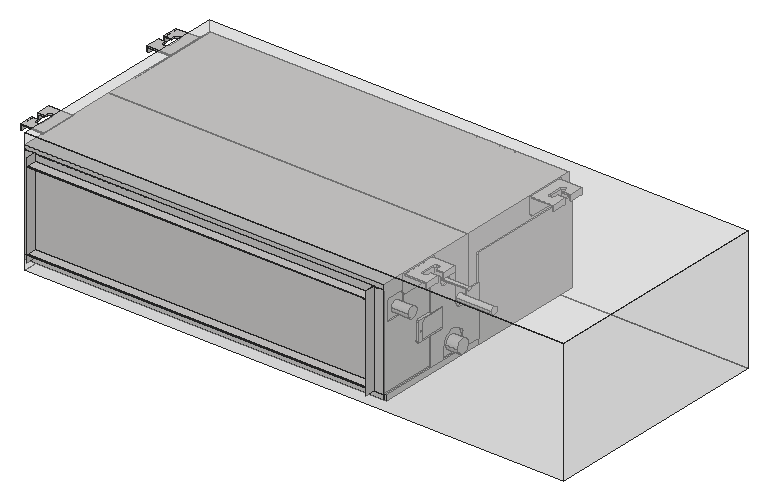
Revit family "outputfile", category 機械設備, Revit 2024
Family settings
  丸型コネクタ寸法 = 半径を使用
  パーツ タイプ = 標準
  OmniClass 番号 = 23.75.10.24.21.27.27
  OmniClass タイトル = Split System Air Conditioning Units
  作業面ベース = いいえ
  常に垂直 = はい
  ロード時にボイドで切り取り = いいえ
  注釈の向きを維持 = いいえ
  共有 = いいえ
  部屋計算ポイント = はい
Parameters (values of type "FXDQ25TV1C")
  Description = ""
  製造元 = "Daikin"
  書き出し IFC クラス(タイプ) = "IfcUnitaryEquipmentType"
  定義済み IFC タイプ(タイプ) = "AIRCONDITIONINGUNIT"
  Cost = 0
  モデル = "FXDQ25TV1C"
  Type Comments = ""
  Keynote = ""
  Type Image = (empty or 0)
  Assembly Code = ""
  r_Liquid Pipe Size = Liquid Pipe Size / 2  # 3.2 mm
  r_Gas Pipe Size = Gas Pipe Size / 2  # 6.35 mm
  r_Drain Pipe Size = Drain Pipe Size / 2  # 10.0 mm
  lw_powersuply = 65.0 mm  # constant formula
  lh_suctionflange [instance] = [h***] + 100.5 mm  # 100.5 mm
  lh_mounting = lh_mountinghole + [h***]  # 200.0 mm
  ld_suctionflange [instance] = if(and(Rear Connection_Return Air, Width = 700.0 mm), 94.5 mm, if(and(Rear Connection_Return Air, Width = 900.0 mm), 94.0 mm, if(and(Rear Connection_Return Air, Width = 1100.0 mm), 94.0 mm, 100.5 mm)))  # 94.5 mm
  ld_powersuply = 64.0 mm  # constant formula
  ld_mountinghole_Back = if(Width = 900.0 mm, 169.0 mm, 165.0 mm)  # 165.0 mm
  ld_mountinghole_Front = if(Width = 900.0 mm, 140.0 mm, 144.0 mm)  # 144.0 mm
  ld_RA_below = if(Width = 700.0 mm, 189.0 mm, 188.0 mm)  # 189.0 mm
  ld_RA = if(Width = 700.0 mm, 94.5 mm, 94.0 mm)  # 94.5 mm
  angle_vertical_RA [instance] = if(Rear Connection_Return Air, 90.00°, 0.00°)  # 90.00°
  angle horizontal_RA [instance] = if(Rear Connection_Return Air, 180.00°, 270.00°)  # 180.00°
  Voltage_comment_50Hz = "220-240"
  Voltage_50Hz = 220 V
  URL = ""
  Supply Air Direction [instance] = yes
  Sound Power Level_H speed (dB) = 0
  Rear Connection_Return Air [instance] = not(Bottom Connection_Return Air)  # yes
  Phase_50Hz = 1
  Minimum External Static Pressure = 10.00 Pa
  Minimum Circuit Amps_50Hz = 0.8 A
  Maximum Fuse Amps_50Hz = 15.0 A
  Maximum External Static Pressure = 40.00 Pa
  Material_Casing = DAIKIN_GalvanizedSteel_Casing_indoorunit
  ld_liquidpipe = 142.0 mm  # constant formula
  ld_gaspipe = 181.0 mm  # constant formula
  lw_mountinghole = Width + 52.0 mm  # 752.0 mm
  ld_drainpipe = 28.0 mm  # constant formula
  lh_liquidpipe = 151.0 mm
  lh_gaspipe = 101.0 mm
  lh_mountinghole = 200.0 mm  # constant formula
  lh_drainpipe = 152.0 mm  # constant formula
  h_antenna = Height - lh_mountinghole + 1.0 mm  # 1.0 mm
  h*** = 0.0 mm  # constant formula
  Width = 700.0 mm
  Version = "ver.1.0"
  Unit Type = "Slim Duct (Standard) Type"
  Unit Mass Weight = 18.00 kg
  Unit Designation [instance] = ""
  Uniclass2015Version = "Products v1.30"
  Uniclass2015Title = "Variable refrigerant flow units"
  Uniclass2015Code = "Pr_70_65_03_94"
  Total Heating Capacity [instance] = 0.000 kW
  Total Cooling Capacity [instance] = 0.000 kW
  Sound Pressure Level_M speed (dBA) = 0
  Sound Pressure Level_L speed (dBA) = 28
  Sound Pressure Level_H speed (dBA) = 33
  Series = "VRV Fan Coil Unit"
  Sensible Cooling Capacity [instance] = 0.000 kW
  SA Duct Size Width = if(Width = 900.0 mm, 860.0 mm, if(Width = 1100.0 mm, 1060.0 mm, 660.0 mm))  # 660.0 mm
  SA Duct Size Height = 153.0 mm  # constant formula
  Refrigerant Type = "R410A"
  RA Duct Size Width = if(Width = 900.0 mm, 775.0 mm, if(Width = 1100.0 mm, 975.0 mm, 575.0 mm))  # 575.0 mm
  RA Duct Size Height [instance] = if(Rear Connection_Return Air, 163.0 mm, if(Width = 700.0 mm, 153.0 mm, 152.0 mm))  # 163.0 mm
  Power Input (Heating) = 0.030 kW
  Power Input (Cooling) = 0.040 kW
  Option Accessory 3 [instance] = ""
  Option Accessory 2 [instance] = ""
  Option Accessory 1 [instance] = ""
  Nominal Heating Capacity = 3.200 kW
  Nominal Cooling Capacity = 2.800 kW
  Minimum Airflow = 0.00 m³/h
  Median Airflow = 0.00 m³/h
  Maximum Airflow = 540.00 m³/h
  Load Classification = HVAC
  Liquid Pipe Size = 6.4 mm
  Link_Nested Family [instance] = ""
  IfcVersion = "0"
  IfcExportType = "AIRCONDITIONINGUNIT"
  IfcExportAs = "IfcUnitaryEquipmentType"
  Height = 200.0 mm
  Heating Entering Wet Bulb Temperature [instance] = 0.00 °C
  Heating Entering Dry Bulb Temperature [instance] = 0.00 °C
  Heating Ambient Wet Bulb Temperature [instance] = 0.00 °C
  Heating Ambient Dry Bulb Temperature [instance] = 0.00 °C
  Heat Exchanger Type = "Cross Fin Coil"
  Gas Pipe Size = 12.7 mm
  Frequency_50Hz = 50 Hz
  Fan Type = "Sirocco Fan"
  Fan Drive = "Direct Drive"
  FCU Tag No. [instance] = ""
  Drain Pipe Size = 20.0 mm
  Design Supply Airflow [instance] = 0.00 m³/h
  Design Return Airflow [instance] = 0.00 m³/h
  Design External Static Pressure [instance] = 0.00 Pa
  Depth = 450.0 mm
  既定の高さ = 0.0 mm
  Cooling Entering Wet Bulb Temperature [instance] = 0.00 °C
  Cooling Entering Dry Bulb Temperature [instance] = 0.00 °C
  Cooling Ambient Wet Bulb Temperature [instance] = 0.00 °C
  Cooling Ambient Dry Bulb Temperature [instance] = 0.00 °C
  Clearance visibility [instance] = yes
  Clearance Top = 20.0 mm
  Clearance Right = 350.0 mm
  Clearance Rear = 0.0 mm
  Clearance Left = 0.0 mm
  Clearance Front = 0.0 mm
  Clearance Bottom = 20.0 mm
  Bottom Connection_Return Air [instance] = no
Reference planes
  plane 1 "Center (Front/Back)": y = 0
  plane 2 "Bottom": z = -200
  plane 3 "Center (Left/Right)": x = 0
  plane 4 "Back": y = 225
  plane 5 "Front": y = -225
  plane 6 "Left": x = -350
  plane 7 "Right": x = 350
  plane 8 "Top": z = 0
  plane 9 "BB": y = -20
  plane 10 "condensate water pan": z = -190
  plane 11 "Below": z = -200
  plane 12 "Other components Right": x = 355
  plane 13 "Other components Left": x = 345
  plane 14 "lh_drainpipe": z = -48
  plane 15 "ld_drainpipe": y = -197
  plane 16 "drainpipe": x = 383
  plane 17 "lh_liquidpipe": z = -49
  plane 18 "ld_liquidpipe": y = -83
  plane 19 "ld_gaspipe": y = -44
  plane 20 "lh_gaspipe": z = -99
  plane 21: x = 403
  plane 22: x = 420
  plane 23: x = 374
  plane 24 "w_mountinghole_Left": x = -376
  plane 25 "w_mountinghole_Right": x = 376
  plane 26 "d_mountinghole_Back": y = 165
  plane 27 "d_mountinghole_Front": y = -144
  plane 28 "h_mountinghole": z = 0
  plane 29 "lw_powersuply": x = 285
  plane 30 "ld_powersuply": y = -161
  plane 31 "Clearance Left": x = -350
  plane 32 "Clearance Right": x = 700
  plane 33 "Clearance Rear": y = 225
  plane 34 "Clearance Front": y = -225
  plane 35 "Clearance Bottom": z = -220
  plane 36 "Clearance Top": z = 20
  plane 37 "RA": y = 224
  plane 38: z = -199
  plane 39 "RA_d": y = 130.5
  plane 40 "RA_w": x = -51.5
  plane 41 "RA_h": z = -99.5
  plane 42 "SA_h": z = -99
  plane 43 "RA_dd": y = 36
Forms (mm)
  Extrusion 1, solid, material "DAIKIN_GalvanizedSteel_Casing_indoorunit" <- "Material_Casing"
    sketch origin (0, 0, 100) x (0, 1, 0) y (0, 0, 1)
      loop
        line (-20, -100) -> (-20, -300) -> (225, -300) -> (225, -100) -> (-20, -100)
    from -350 to 350
  Extrusion 2, solid, material "DAIKIN_GalvanizedSteel_Casing_indoorunit" <- "Material_Casing"
    sketch origin (0, 0, 100) x (0, 1, 0) y (0, 0, 1)
      loop
        line (-225, -100) -> (-225, -290) -> (-20, -290) -> (-20, -100) -> (-225, -100)
    from -350 to 350
  Extrusion 3, solid, material "DAIKIN_GalvanizedSteel_Casing_indoorunit" <- "Material_Casing"
    sketch origin (0, 0, 100) x (0, 1, 0) y (0, 0, 1)
      loop
        line (-225, -290) -> (-225, -300) -> (-20, -300) -> (-20, -290) -> (-225, -290)
    from -350 to 350
  Extrusion 4, solid, material "DAIKIN_GalvanizedSteel_Casing_indoorunit" <- "Material_Casing"
    sketch origin (0, 0, 0) x (0, 1, 0) y (0, 0, 1)
      loop
        arc (2, -40) -> (-0.121, -40.879) -> (-1, -43) r 3
        line (-1, -43) -> (-1, -197)
        arc (-1, -197) -> (-0.121, -199.121) -> (2, -200) r 3
        line (2, -200) -> (225, -200) -> (225, -40) -> (2, -40)
    from 350 to 355
  Extrusion 5, solid, material "DAIKIN_GalvanizedSteel_Casing_indoorunit" <- "Material_Casing"
    sketch origin (620, 0, 0) x (0, 1, 0) y (0, 0, 1)
      loop
        line (-225, -190) -> (-225, -200) -> (-2, -200) -> (-2, -193)
        arc (-2, -193) -> (-2.879, -190.879) -> (-5, -190) r 3
        line (-5, -190) -> (-225, -190)
    from -270 to -265
  Extrusion 6, void
    sketch origin (0, 0, 0) x (0, 1, 0) y (0, 0, 1)
      loop
        arc (-145.64, -94.17) -> (-147.761, -95.049) -> (-148.64, -97.17) r 3
        line (-148.64, -97.17) -> (-148.64, -131.17)
        arc (-148.64, -131.17) -> (-147.761, -133.291) -> (-145.64, -134.17) r 3
        line (-145.64, -134.17) -> (-91.78, -134.17)
        arc (-91.78, -134.17) -> (-89.659, -133.291) -> (-88.78, -131.17) r 3
        line (-88.78, -131.17) -> (-88.78, -97.17)
        arc (-88.78, -97.17) -> (-89.659, -95.049) -> (-91.78, -94.17) r 3
        line (-91.78, -94.17) -> (-145.64, -94.17)
    from 345 to 355
  Extrusion 7, void
    sketch origin (460, 0, 0) x (0, 1, 0) y (0, 0, 1)
      loop
        arc (-212.95, -27.05) -> (-216.486, -28.514) -> (-217.95, -32.05) r 5
        line (-217.95, -32.05) -> (-217.95, -63.95)
        arc (-217.95, -63.95) -> (-216.486, -67.486) -> (-212.95, -68.95) r 5
        line (-212.95, -68.95) -> (-181.05, -68.95)
        arc (-181.05, -68.95) -> (-177.514, -67.486) -> (-176.05, -63.95) r 5
        line (-176.05, -63.95) -> (-176.05, -32.05)
        arc (-176.05, -32.05) -> (-177.514, -28.514) -> (-181.05, -27.05) r 5
        line (-181.05, -27.05) -> (-212.95, -27.05)
    from -115 to -105
  Extrusion 8, solid, material "DAIKIN_GalvanizedSteel_Casing_indoorunit" <- "Material_Casing"
    sketch origin (700, 0, 0) x (0, 1, 0) y (0, 0, 1)
      loop
        line (-116.823, -42) -> (-116.823, -190) -> (-87.438, -190) -> (-87.438, -167.881)
        arc (-87.438, -167.881) -> (-62.998, -143.441) -> (-38.558, -167.881) r 24.44
        line (-38.558, -167.881) -> (-38.558, -190) -> (-1, -190) -> (-1, -92.773) -> (-27.497, -92.773)
        arc (-27.497, -92.773) -> (-28.911, -93.359) -> (-29.497, -94.773) r 2
        line (-29.497, -94.773) -> (-29.497, -99)
        arc (-29.497, -99) -> (-43.997, -113.5) -> (-58.497, -99) r 14.5
        line (-58.497, -99) -> (-58.497, -42.3)
        arc (-58.497, -42.3) -> (-59.171, -40.674) -> (-60.797, -40) r 2.3
        line (-60.797, -40) -> (-69, -40)
        arc (-69, -40) -> (-70.414, -40.586) -> (-71, -42) r 2
        line (-71, -42) -> (-71, -49)
        arc (-71, -49) -> (-83, -61) -> (-95, -49) r 12
        line (-95, -49) -> (-95, -42)
        arc (-95, -42) -> (-95.586, -40.586) -> (-97, -40) r 2
        line (-97, -40) -> (-114.823, -40)
        arc (-114.823, -40) -> (-116.237, -40.586) -> (-116.823, -42) r 2
    from -350 to -345
  Extrusion 9, solid, material "DAIKIN_GalvanizedSteel_Casing_indoorunit" <- "Material_Casing"
    sketch origin (0, 0, 0) x (0, 1, 0) y (0, 0, 1)
      loop
        line (-91.78, -95.17) -> (-145.64, -95.17)
        arc (-145.64, -95.17) -> (-147.054, -95.756) -> (-147.64, -97.17) r 2
        line (-147.64, -97.17) -> (-147.64, -131.17)
        arc (-147.64, -131.17) -> (-147.054, -132.584) -> (-145.64, -133.17) r 2
        line (-145.64, -133.17) -> (-91.78, -133.17)
        arc (-91.78, -133.17) -> (-90.366, -132.584) -> (-89.78, -131.17) r 2
        line (-89.78, -131.17) -> (-89.78, -97.17)
        arc (-89.78, -97.17) -> (-90.366, -95.756) -> (-91.78, -95.17) r 2
    from 345 to 355
  Extrusion 10, solid, material "DAIKIN_GalvanizedSteel_Casing_indoorunit" <- "Material_Casing"
    sketch origin (0, 0, 0) x (0, 1, 0) y (0, 0, 1)
      loop
        line (-89.78, -97.67) -> (-136.14, -97.67) -> (-136.14, -130.67) -> (-89.78, -130.67) -> (-89.78, -97.67)
      loop
        circle (-142.64, -114.17) r 1.5
    from 350 to 355
  Extrusion 11, solid, material "DAIKIN_GalvanizedSteel_Casing_indoorunit" <- "Material_Casing"
    sketch origin (0, 0, 0) x (0, 1, 0) y (0, 0, 1)
      loop
        circle (-197, -48) r 10
    from 350 to 383
  Extrusion 12, solid, material "DAIKIN_GalvanizedSteel_Casing_indoorunit" <- "Material_Casing"
    sketch origin (0, 0, 0) x (0, 1, 0) y (0, 0, 1)
      loop
        circle (-83, -49) r 3.2
    from 350 to 403
  Extrusion 13, solid, material "DAIKIN_GalvanizedSteel_Casing_indoorunit" <- "Material_Casing"
    sketch origin (0, 0, 0) x (0, 1, 0) y (0, 0, 1)
      loop
        circle (-44, -99) r 6.35
    from 350 to 420
  Extrusion 14, solid, material "DAIKIN_GalvanizedSteel_Casing_indoorunit" <- "Material_Casing"
    sketch origin (0, 0, 0) x (0, 1, 0) y (0, 0, 1)
      loop
        circle (-62.998, -169) r 13
    from 350 to 374
  Extrusion 15, void
    sketch origin (0, 0, 0) x (1, 0, 0) y (0, 0, 1)
      loop
        line (246, -1) -> (-349, -1) -> (-349, -200) -> (246, -200) -> (246, -1)
    from -225 to -36
  Extrusion 16, solid, material "DAIKIN_GalvanizedSteel_Casing_indoorunit" <- "Material_Casing", visible <- "Bottom Connection_Return Air"
    sketch origin (0, 0, 0) x (1, 0, 0) y (0, 0, 1)
      loop
        line (246, -1) -> (-349, -1) -> (-349, -200) -> (246, -200) -> (246, -1)
    from -225 to -224
  Extrusion 17, solid, material "DAIKIN_GalvanizedSteel_Casing_indoorunit" <- "Material_Casing", visible <- "Rear Connection_Return Air"
    sketch origin (0, 0, 0) x (1, 0, 0) y (0, 1, 0)
      loop
        line (-349, 36) -> (246, 36) -> (246, 225) -> (-349, 225) -> (-349, 36)
    from -200 to -199
Cuts and joins
  Extrusion 6, Extrusion 7 cuts Extrusion 2
  Extrusion 6 cuts Extrusion 8
  Extrusion 15 cuts Extrusion 1
Dimensions and locks
  locked: plane 9 "BB" to plane 1 "Center (Front/Back)" at 20
  equal spacing: plane 4 "Back", plane 1 "Center (Front/Back)", plane 5 "Front"
  "Depth": plane 4 "Back" to plane 5 "Front"
  plane 9 "BB" to plane 4 "Back" = 245.0 mm
  plane 5 "Front" to plane 9 "BB" = 205.0 mm
  equal spacing: plane 6 "Left", plane 3 "Center (Left/Right)", plane 7 "Right"
  "Width": plane 6 "Left" to plane 7 "Right"
  locked: plane 1 "Center (Front/Back)" to plane 9 "BB" at 20
  "h***": plane 11 "Below" to plane 2 "Bottom"
  locked: plane 10 "condensate water pan" to plane 11 "Below" at 10
  "Height": plane 8 "Top" to plane 11 "Below"
  locked: Extrusion 4 sketch curve to plane 4 "Back" at 226
  locked: Extrusion 4 sketch curve to plane 11 "Below" at 160
  locked: plane 7 "Right" to plane 12 "Other components Right" at 5
  locked: plane 13 "Other components Left" to plane 7 "Right" at 5
  "lh_drainpipe": plane 14 "lh_drainpipe" to plane 11 "Below"
  plane 5 "Front" to plane 15 "ld_drainpipe" = 28.0 mm
  "ld_drainpipe": plane 15 "ld_drainpipe" to plane 5 "Front"
  locked: plane 7 "Right" to plane 16 "drainpipe" at 33
  "lh_liquidpipe": plane 17 "lh_liquidpipe" to plane 11 "Below"
  "ld_liquidpipe": plane 18 "ld_liquidpipe" to plane 5 "Front"
  "ld_gaspipe": plane 19 "ld_gaspipe" to plane 5 "Front"
  plane 5 "Front" to plane 18 "ld_liquidpipe" = 142.0 mm
  plane 5 "Front" to plane 19 "ld_gaspipe" = 181.0 mm
  "lh_gaspipe": plane 20 "lh_gaspipe" to plane 11 "Below"
  locked: plane 7 "Right" to plane 21 at 53
  locked: plane 7 "Right" to plane 22 at 70
  locked: plane 7 "Right" to plane 23 at 24
  equal spacing: plane 24 "w_mountinghole_Left", plane 3 "Center (Left/Right)", plane 25 "w_mountinghole_Right"
  "lw_mountinghole": plane 24 "w_mountinghole_Left" to plane 25 "w_mountinghole_Right"
  plane 26 "d_mountinghole_Back" to plane 27 "d_mountinghole_Front" = 309.0 mm
  "lh_mountinghole": plane 28 "h_mountinghole" to plane 11 "Below"
  "lw_powersuply": plane 29 "lw_powersuply" to plane 7 "Right"
  "ld_powersuply": plane 5 "Front" to plane 30 "ld_powersuply"
  "Clearance Rear": plane 33 "Clearance Rear" to plane 4 "Back"
  "Clearance Front": plane 5 "Front" to plane 34 "Clearance Front"
  "Clearance Bottom": plane 11 "Below" to plane 35 "Clearance Bottom"
  "Clearance Top": plane 36 "Clearance Top" to plane 8 "Top"
  "Clearance Left": plane 31 "Clearance Left" to plane 6 "Left"
  "Clearance Right": plane 7 "Right" to plane 32 "Clearance Right"
  locked: cut or joined group of Extrusion 1, Extrusion 15 to plane 6 "Left" at 1
  locked: plane 7 "Right" to cut or joined group of Extrusion 1, Extrusion 15 at 104
  locked: plane 4 "Back" to plane 37 "RA" at 1
  locked: plane 6 "Left" to Extrusion 17 sketch curve at 1
  locked: Extrusion 17 sketch curve to plane 7 "Right" at 104
  locked: plane 38 to plane 11 "Below" at 1
  locked: plane 40 "RA_w" to plane 3 "Center (Left/Right)" at 51.5
  "ld_RA": plane 39 "RA_d" to plane 4 "Back"
  locked: plane 11 "Below" to plane 41 "RA_h" at 100.5
  locked: plane 11 "Below" to plane 42 "SA_h" at 101
  "ld_mountinghole_Back": plane 26 "d_mountinghole_Back" to plane 1 "Center (Front/Back)"
  "ld_mountinghole_Front": plane 27 "d_mountinghole_Front" to plane 1 "Center (Front/Back)"
  "ld_RA_below": plane 4 "Back" to plane 43 "RA_dd"
  "r_Liquid Pipe Size": radius of Extrusion 12 sketch curve
  "r_Gas Pipe Size": radius of Extrusion 13 sketch curve
  "r_Drain Pipe Size": radius of Extrusion 11 sketch curve
  aligned and locked: Extrusion 1 sketch curve to plane 8 "Top"
  aligned and locked: Extrusion 1 sketch curve to plane 9 "BB"
  aligned and locked: Extrusion 1 sketch curve to plane 4 "Back"
  aligned and locked: Extrusion 2 sketch curve to plane 9 "BB"
  aligned and locked: Extrusion 2 sketch curve to plane 8 "Top"
  aligned and locked: plane 5 "Front" to Extrusion 2 sketch curve
  aligned and locked: Extrusion 1 to plane 6 "Left"
  aligned and locked: plane 7 "Right" to Extrusion 1
  aligned and locked: Extrusion 2 to plane 6 "Left"
  aligned and locked: plane 7 "Right" to Extrusion 2
  aligned and locked: plane 10 "condensate water pan" to Extrusion 2 sketch curve
  aligned and locked: Extrusion 3 sketch curve to plane 10 "condensate water pan"
  aligned and locked: plane 5 "Front" to Extrusion 3 sketch curve
  aligned and locked: plane 9 "BB" to Extrusion 3 sketch curve
  aligned and locked: Extrusion 3 to plane 6 "Left"
  aligned and locked: plane 7 "Right" to Extrusion 3
  aligned and locked: plane 11 "Below" to Extrusion 3
  aligned and locked: Extrusion 1 to plane 11 "Below"
  aligned and locked: plane 11 "Below" to Extrusion 4 sketch curve
  aligned and locked: Extrusion 4 sketch curve to plane 4 "Back"
  aligned and locked: Extrusion 4 to plane 7 "Right"
  aligned and locked: plane 12 "Other components Right" to Extrusion 4
  aligned and locked: Extrusion 5 sketch curve to plane 10 "condensate water pan"
  aligned and locked: plane 5 "Front" to Extrusion 5 sketch curve
  aligned and locked: plane 11 "Below" to Extrusion 5 sketch curve
  aligned and locked: Extrusion 5 to plane 7 "Right"
  aligned and locked: plane 12 "Other components Right" to Extrusion 5
  aligned and locked: Extrusion 8 to plane 7 "Right"
  aligned and locked: plane 12 "Other components Right" to Extrusion 8
  aligned and locked: Extrusion 6 to plane 13 "Other components Left"
  aligned and locked: Extrusion 7 to plane 13 "Other components Left"
  aligned and locked: plane 12 "Other components Right" to Extrusion 7
  aligned and locked: plane 12 "Other components Right" to Extrusion 6
  aligned and locked: Extrusion 10 to plane 7 "Right"
  aligned and locked: Extrusion 9 to plane 13 "Other components Left"
  aligned and locked: plane 16 "drainpipe" to Extrusion 11
  aligned and locked: Extrusion 11 to plane 7 "Right"
  aligned and locked: plane 12 "Other components Right" to Extrusion 9
  aligned and locked: plane 12 "Other components Right" to Extrusion 10
  aligned and locked: Extrusion 12 to plane 7 "Right"
  aligned and locked: plane 21 to Extrusion 12
  aligned and locked: Extrusion 13 sketch curve to plane 19 "ld_gaspipe"
  aligned and locked: plane 20 "lh_gaspipe" to Extrusion 13 sketch curve
  aligned and locked: Extrusion 12 sketch curve to plane 18 "ld_liquidpipe"
  aligned and locked: plane 17 "lh_liquidpipe" to Extrusion 12 sketch curve
  aligned and locked: plane 14 "lh_drainpipe" to Extrusion 11 sketch curve
  aligned and locked: Extrusion 11 sketch curve to plane 15 "ld_drainpipe"
  aligned and locked: Extrusion 13 to plane 7 "Right"
  aligned and locked: plane 22 to Extrusion 13
  aligned and locked: Extrusion 14 to plane 7 "Right"
  aligned and locked: plane 23 to Extrusion 14
  aligned and locked: plane 25 "w_mountinghole_Right" to nested 2
  aligned and locked: nested 2 to plane 26 "d_mountinghole_Back"
  aligned and locked: plane 28 "h_mountinghole" to nested 2
  aligned and locked: plane 27 "d_mountinghole_Front" to nested 3
  aligned and locked: plane 25 "w_mountinghole_Right" to nested 3
  aligned and locked: plane 24 "w_mountinghole_Left" to nested 4
  aligned and locked: plane 26 "d_mountinghole_Back" to nested 4
  aligned and locked: plane 24 "w_mountinghole_Left" to nested 5
  aligned and locked: nested 5 to plane 27 "d_mountinghole_Front"
  aligned and locked: plane 28 "h_mountinghole" to nested 4
  aligned and locked: plane 28 "h_mountinghole" to nested 5
  aligned and locked: plane 28 "h_mountinghole" to nested 3
  aligned and locked: plane 24 "w_mountinghole_Left" to nested 1
  aligned and locked: nested 1 to plane 26 "d_mountinghole_Back"
  aligned and locked: plane 27 "d_mountinghole_Front" to nested 6
  aligned and locked: plane 24 "w_mountinghole_Left" to nested 6
  aligned and locked: nested 7 to plane 25 "w_mountinghole_Right"
  aligned and locked: nested 7 to plane 26 "d_mountinghole_Back"
  aligned and locked: plane 27 "d_mountinghole_Front" to nested 8
  aligned and locked: nested 8 to plane 25 "w_mountinghole_Right"
  aligned and locked: plane 15 "ld_drainpipe" to nested 9
  aligned and locked: plane 7 "Right" to nested 9
  aligned and locked: plane 14 "lh_drainpipe" to nested 9
  aligned and locked: plane 7 "Right" to nested 11
  aligned and locked: plane 7 "Right" to nested 10
  aligned and locked: plane 18 "ld_liquidpipe" to nested 10
  aligned and locked: plane 19 "ld_gaspipe" to nested 11
  aligned and locked: nested 10 to plane 17 "lh_liquidpipe"
  aligned and locked: nested 11 to plane 20 "lh_gaspipe"
  aligned and locked: plane 31 "Clearance Left" to nested 12
  aligned and locked: plane 33 "Clearance Rear" to nested 12
  aligned and locked: plane 34 "Clearance Front" to nested 12
  aligned and locked: nested 12 to plane 32 "Clearance Right"
  aligned and locked: plane 36 "Clearance Top" to nested 12
  aligned and locked: plane 35 "Clearance Bottom" to nested 12
  aligned and locked: nested 13 to plane 29 "lw_powersuply"
  aligned and locked: plane 30 "ld_powersuply" to nested 13
  aligned and locked: nested 13 to plane 20 "lh_gaspipe"
  aligned and locked: plane 3 "Center (Left/Right)" to nested 14
  aligned and locked: plane 1 "Center (Front/Back)" to nested 14
  aligned and locked: plane 1 "Center (Front/Back)" to nested 15
  aligned and locked: nested 15 to plane 11 "Below"
  aligned and locked: plane 3 "Center (Left/Right)" to nested 16
  aligned and locked: plane 3 "Center (Left/Right)" to nested 17
  aligned and locked: plane 8 "Top" to nested 16
  aligned and locked: plane 4 "Back" to Extrusion 15
  aligned and locked: plane 4 "Back" to Extrusion 16
  aligned and locked: Extrusion 16 to plane 37 "RA"
  aligned and locked: Extrusion 17 to plane 11 "Below"
  aligned and locked: plane 38 to Extrusion 17
  aligned and locked: plane 39 "RA_d" to nested 18
  aligned and locked: plane 1 "Center (Front/Back)" to nested 19
  aligned and locked: plane 3 "Center (Left/Right)" to nested 19
  aligned and locked: plane 42 "SA_h" to nested 19
  aligned and locked: nested 16 to plane 37 "RA"
  aligned and locked: nested 16 to plane 4 "Back"
  aligned and locked: nested 17 to plane 38
  aligned and locked: nested 17 to plane 37 "RA"
  aligned and locked: Extrusion 15 to plane 43 "RA_dd"
  aligned and locked: Extrusion 17 sketch curve to plane 43 "RA_dd"
  aligned and locked: level to plane 8 "Top"
Automatic sketch dimensions
  Extrusion 1 sketch curve to plane 10 "condensate water pan" = 10.0 mm
  Extrusion 3 sketch curve to plane 10 "condensate water pan" = 10.0 mm
  Extrusion 4 sketch curve to plane 10 "condensate water pan" = 7.0 mm
  Extrusion 4 sketch curve to plane 1 "Center (Front/Back)" = 2.0 mm
  plane 1 "Center (Front/Back)" to Extrusion 5 sketch curve = 2.0 mm
  Extrusion 5 sketch curve to plane 10 "condensate water pan" = 3.0 mm
  plane 5 "Front" to Extrusion 6 sketch curve = 76.36 mm
  Extrusion 6 sketch curve to Extrusion 6 sketch curve = 3.0 mm  (x3)
  Extrusion 6 sketch curve to Extrusion 6 sketch curve = 53.86 mm
  Extrusion 6 sketch curve to Extrusion 6 sketch curve = 0.0 mm
  plane 10 "condensate water pan" to Extrusion 6 sketch curve = 55.83 mm
  Extrusion 6 sketch curve to Extrusion 6 sketch curve = 34.0 mm
  plane 5 "Front" to Extrusion 7 sketch curve = 7.05 mm
  Extrusion 7 sketch curve to Extrusion 7 sketch curve = 5.0 mm  (x3)
  Extrusion 7 sketch curve to Extrusion 7 sketch curve = 31.9 mm  (x3)
  Extrusion 7 sketch curve to plane 8 "Top" = 68.95 mm
  Extrusion 8 sketch curve to plane 10 "condensate water pan" = 0.0 mm  (x2)
  Extrusion 8 sketch curve to plane 9 "BB" = 96.823 mm
  Extrusion 8 sketch curve to Extrusion 8 sketch curve = 2.0 mm  (x4)
  Extrusion 8 sketch curve to Extrusion 8 sketch curve = 17.823 mm
  Extrusion 8 sketch curve to Extrusion 8 sketch curve = 29.385 mm
  Extrusion 8 sketch curve to Extrusion 8 sketch curve = 12.0 mm
  Extrusion 8 sketch curve to Extrusion 8 sketch curve = 24.44 mm
  Extrusion 8 sketch curve to Extrusion 8 sketch curve = 8.203 mm
  Extrusion 8 sketch curve to plane 9 "BB" = 38.497 mm
  Extrusion 8 sketch curve to Extrusion 8 sketch curve = 14.5 mm
  plane 1 "Center (Front/Back)" to Extrusion 8 sketch curve = 1.0 mm
  Extrusion 8 sketch curve to Extrusion 8 sketch curve = 22.119 mm
  Extrusion 8 sketch curve to Extrusion 8 sketch curve = 68.881 mm
  Extrusion 8 sketch curve to Extrusion 8 sketch curve = 4.227 mm
  Extrusion 8 sketch curve to plane 8 "Top" = 49.0 mm
  Extrusion 8 sketch curve to Extrusion 8 sketch curve = 6.7 mm
  Extrusion 8 sketch curve to Extrusion 8 sketch curve = 7.0 mm
  plane 5 "Front" to Extrusion 9 sketch curve = 79.36 mm
  Extrusion 9 sketch curve to Extrusion 9 sketch curve = 2.0 mm  (x3)
  Extrusion 9 sketch curve to Extrusion 9 sketch curve = 53.86 mm
  Extrusion 9 sketch curve to Extrusion 9 sketch curve = 0.0 mm
  plane 10 "condensate water pan" to Extrusion 9 sketch curve = 56.83 mm
  Extrusion 9 sketch curve to Extrusion 9 sketch curve = 34.0 mm
  plane 5 "Front" to Extrusion 10 sketch curve = 82.36 mm
  Extrusion 10 sketch curve to Extrusion 10 sketch curve = 6.5 mm
  Extrusion 10 sketch curve to Extrusion 10 sketch curve = 46.36 mm
  plane 10 "condensate water pan" to Extrusion 10 sketch curve = 59.33 mm
  Extrusion 10 sketch curve to Extrusion 10 sketch curve = 16.5 mm  (x2)
  Extrusion 14 sketch curve to plane 19 "ld_gaspipe" = 18.998 mm
  plane 10 "condensate water pan" to Extrusion 14 sketch curve = 21.0 mm
  plane 6 "Left" to Extrusion 15 sketch curve = 1.0 mm
  plane 35 "Clearance Bottom" to Extrusion 15 sketch curve = 20.0 mm
  plane 29 "lw_powersuply" to Extrusion 15 sketch curve = 39.0 mm
  Extrusion 15 sketch curve to plane 8 "Top" = 1.0 mm
  plane 6 "Left" to Extrusion 16 sketch curve = 1.0 mm
  Extrusion 16 sketch curve to plane 11 "Below" = 0.0 mm
  plane 29 "lw_powersuply" to Extrusion 16 sketch curve = 39.0 mm
  Extrusion 16 sketch curve to plane 8 "Top" = 1.0 mm
  Extrusion 17 sketch curve to plane 4 "Back" = 0.0 mm
  radius of Extrusion 10 sketch curve = 1.5 mm
  radius of Extrusion 14 sketch curve = 13.0 mm
Nested families
  nested 1: "daikin_mountinghole" at (-376, 165, -200), h_mountinghole <- "lh_mounting", l_antenna <- "h_antenna", Link_Nested Family <- "Link_Nested Family", type "daikin_mountinghole"
    with show yes, l_antenna 1.0 mm, h_mountinghole 200.0 mm, Link_Nested Family ""
  nested 2: "daikin_hangerfixture_FXDQ-TV1C(A)" at (350, 165, 0), type "daikin_hangerfixture_FXDQ-TV1C(A)"
  nested 3: "daikin_hangerfixture_FXDQ-TV1C(A)" at (350, -144, 0), type "daikin_hangerfixture_FXDQ-TV1C(A)"
  nested 4: "daikin_hangerfixture_FXDQ-TV1C(A)" at (-350, 165, 0) x (-1, 0, 0) z (0, 0, 1), type "daikin_hangerfixture_FXDQ-TV1C(A)"
  nested 5: "daikin_hangerfixture_FXDQ-TV1C(A)" at (-350, -144, 0) x (-1, 0, 0) z (0, 0, 1), type "daikin_hangerfixture_FXDQ-TV1C(A)"
  nested 6: "daikin_mountinghole" at (-376, -144, -200), h_mountinghole <- "lh_mounting", l_antenna <- "h_antenna", Link_Nested Family <- "Link_Nested Family", type "daikin_mountinghole"
    with show yes, l_antenna 1.0 mm, h_mountinghole 200.0 mm, Link_Nested Family ""
  nested 7: "daikin_mountinghole" at (376, 165, -200), h_mountinghole <- "lh_mounting", l_antenna <- "h_antenna", Link_Nested Family <- "Link_Nested Family", type "daikin_mountinghole"
    with show yes, l_antenna 1.0 mm, h_mountinghole 200.0 mm, Link_Nested Family ""
  nested 8: "daikin_mountinghole" at (376, -144, -200), h_mountinghole <- "lh_mounting", l_antenna <- "h_antenna", Link_Nested Family <- "Link_Nested Family", type "daikin_mountinghole"
    with show yes, l_antenna 1.0 mm, h_mountinghole 200.0 mm, Link_Nested Family ""
  nested 9: "daikin_connector_rotate2" at (350, -197, -48) x (0, 1, 0) z (0, 0, 1), radius <- "r_Drain Pipe Size", type "daikin_connector_rotate2"
    with radius 10.0 mm, length 33.0 mm, angle_vertical 90.00°, show_face no
  nested 10: "daikin_connector_rotate2" at (350, -83, -49) x (0, 1, 0) z (0, 0, 1), radius <- "r_Liquid Pipe Size", type "daikin_connector_rotate2"
    with radius 3.2 mm, length 53.0 mm, angle_vertical 90.00°, show_face no
  nested 11: "daikin_connector_rotate2" at (350, -44, -99) x (0, 1, 0) z (0, 0, 1), radius <- "r_Gas Pipe Size", type "daikin_connector_rotate2"
    with radius 6.35 mm, length 70.0 mm, angle_vertical 90.00°, show_face no
  nested 12: "daikin_clearancespace" at (175, 0, -99.881), visible <- "Clearance visibility", show <- "Clearance visibility", Link_Nested Family <- "Link_Nested Family", type "daikin_clearancespace"
    with width 1050.0 mm, show yes, height 240.0 mm, depth 450.0 mm, Link_Nested Family ""
  nested 13: "daikin_connector_rotate2" at (285, -161, -99) x (1, 0, 0) z (0, -1, 0), type "daikin_connector_rotate2"
    with radius 10.0 mm, length 101.0 mm, angle_vertical 90.00°, show_face no
  nested 14: "daikin_△_symbolicline" at (0, 0, 200), visible <- "Supply Air Direction", built-in parameter 1001360 <- "Height", type "daikin_△_symbolicline"
    with length 200.0 mm
  nested 15: "daikin_ductflange_FXDQ-TV1C(A)1" at (0, 0, -364.701), width <- "SA Duct Size Width", height <- "SA Duct Size Height", material <- "Material_Casing", type "daikin_ductflange_FXDQ-TV1C(A)1"
    with width 660.0 mm, material DAIKIN_GalvanizedSteel_Casing_indoorunit, height 153.0 mm, depth 20.0 mm
  nested 16: "daikin_ductflange_FXDQ-TV1C(A)2" at (0, 225, -99.5), visible <- "Rear Connection_Return Air", height <- "RA Duct Size Height", width <- "RA Duct Size Width", material <- "Material_Casing", type "daikin_ductflange_FXDQ-TV1C(A)2"
    with width 575.0 mm, material DAIKIN_GalvanizedSteel_Casing_indoorunit, height 163.0 mm, depth 1.0 mm
  nested 17: "daikin_ductflange_FXDQ-TV1C(A)2" at (0, 125.5, -200) x (1, 0, 0) z (0, 1, 0), visible <- "Bottom Connection_Return Air", width <- "RA Duct Size Width", height <- "RA Duct Size Height", type "daikin_ductflange_FXDQ-TV1C(A)2"
    with width 575.0 mm, material DAIKIN_GalvanizedSteel_Casing_indoorunit, height 163.0 mm, depth 1.0 mm
  nested 18: "daikin_connector_rotate3" at (-51.5, 130.5, -99.5), angle_vertical <- "angle_vertical_RA", angle_horizontal <- "angle horizontal_RA", length <- "ld_suctionflange", built-in parameter 1001364 <- "lh_suctionflange", type "daikin_connector_rotate3"
    with show yes, radius 10.0 mm, length 94.5 mm, angle_vertical 90.00°, angle_horizontal 180.00°
  nested 19: "daikin_connector_rotate2" at (0, 0, -99), type "daikin_connector_rotate2"
    with radius 10.0 mm, length 245.0 mm, angle_vertical 90.00°, show_face no
Connectors
  piping at (383, -197, -48), diameter 20, driven by "r_Drain Pipe Size"
    settings: on nested 9, index 1, connector inside diameter 609.6 mm, connector length 0.0 mm, flow factor 0, pipe flow 0.00 m³/h, pressure drop 0.0 Pa, fitting loss kfactor 0, connector angle 0.00°, fixture units 0, engagement length 0.0 mm, angle of deflection 0.00°, flow configuration 1, flow direction 2, fitting loss method 4, system type 16, joint type 0, gender type 0, connector reference index -1, connector utility 0, adjustable connector no, is connector primary yes, connector description "Condensate Drain Piping"
  piping at (420, -44, -99), diameter 12.7, driven by "r_Gas Pipe Size"
    settings: on nested 11, index 2, connector inside diameter 609.6 mm, connector length 0.0 mm, flow factor 0, pipe flow 0.00 m³/h, pressure drop 0.0 Pa, fitting loss kfactor 0, connector angle 0.00°, fixture units 0, engagement length 0.0 mm, angle of deflection 0.00°, flow configuration 1, flow direction 2, fitting loss method 0, system type 29, joint type 0, gender type 0, connector reference index -1, connector utility 0, adjustable connector no, is connector primary no, connector description "Refrigerant Gas Piping"
  piping at (403, -83, -49), diameter 6.4, driven by "r_Liquid Pipe Size"
    settings: on nested 10, index 3, connector inside diameter 609.6 mm, connector length 0.0 mm, flow factor 0, pipe flow 0.00 m³/h, pressure drop 0.0 Pa, fitting loss kfactor 0, connector angle 0.00°, fixture units 0, engagement length 0.0 mm, angle of deflection 0.00°, flow configuration 1, flow direction 1, fitting loss method 0, system type 29, joint type 0, gender type 0, connector reference index -1, connector utility 0, adjustable connector no, is connector primary no, connector description "Refrigerant Liquid Piping"
  electrical at (285, -161, -200), driven by "Load Classification"
    settings: on nested 13, index 4, voltage 0 V, apparent load 0 VA, apparent load phase1 0 VA, apparent load phase2 0 VA, apparent load phase3 0 VA, power factor 1, load classification "HVAC", number of poles 1, system type 30, power factor state 1, is connector primary yes, connector utility no, sub classification motor no, connector description "Power Supply"
  hvac at (-51.5, 225, -99.5), driven by "RA Duct Size Height", driven by "RA Duct Size Width"
    settings: on nested 18, index 5, duct flow 0.00 m³/h, flow factor 0, pres drop 0.00 Pa, loss coef 0, conn angle 0.00°, conn width 575.0 mm, conn height 163.0 mm, conn diameter 609.6 mm, duct sys type 2, conn prof type 1, flow config 0, flow direction 1, loss method 4, conn ref index -1, conn util no, is conn primary yes, conn desc "RA Duct"
  hvac at (0, -245, -99), driven by "SA Duct Size Height", driven by "SA Duct Size Width"
    settings: on nested 19, index 6, duct flow 0.00 m³/h, flow factor 0, pres drop 0.00 Pa, loss coef 0, conn angle 0.00°, conn width 660.0 mm, conn height 153.0 mm, conn diameter 609.6 mm, duct sys type 1, conn prof type 1, flow config 0, flow direction 2, loss method 4, conn ref index -1, conn util no, is conn primary no, conn desc "SA Duct"
Definition of nested family "daikin_hangerfixture_FXDQ-TV1C(A)"
  Parameters (values of type "daikin_hangerfixture_FXDQ-TV1C(A)")
    width = 46.0 mm
    material = none
    height = 35.0 mm
    depth = 70.0 mm
    Default Elevation = 0.0 mm
  Reference planes
    plane 1 "Center (Front/Back)": y = 0
    plane 2: z = 0
    plane 3 "Center (Left/Right)": x = 0
    plane 4: z = -35
    plane 5: y = 35
    plane 6: y = -35
    plane 7: x = 46
    plane 8: z = -2
    plane 9: x = 44
    plane 10: x = 2
    plane 11: x = 26
  Forms (mm)
    Extrusion 1, solid, material <- "material"
      sketch origin (0, 0, 0) x (1, 0, 0) y (0, 1, 0)
        loop
          line (0, 35) -> (0, -35) -> (46, -35) -> (46, -6.5) -> (31.85, -6.5) -> (31.85, -12.15)
          arc (31.85, -12.15) -> (26, -18) -> (20.15, -12.15) r 5.85
          line (20.15, -12.15) -> (20.15, 12.15)
          arc (20.15, 12.15) -> (26, 18) -> (31.85, 12.15) r 5.85
          line (31.85, 12.15) -> (31.85, 6.5) -> (46, 6.5) -> (46, 35) -> (0, 35)
      from -2 to 0
    Extrusion 2, solid, material <- "material"
      sketch origin (0, 0, 0) x (0, 1, 0) y (0, 0, 1)
        loop
          line (35, 0) -> (6.5, 0) -> (6.5, -8)
          arc (6.5, -8) -> (7.379, -10.121) -> (9.5, -11) r 3
          line (9.5, -11) -> (32, -11)
          arc (32, -11) -> (34.121, -10.121) -> (35, -8) r 3
          line (35, -8) -> (35, 0)
        loop
          line (-35, 0) -> (-35, -8)
          arc (-35, -8) -> (-34.121, -10.121) -> (-32, -11) r 3
          line (-32, -11) -> (-9.5, -11)
          arc (-9.5, -11) -> (-7.379, -10.121) -> (-6.5, -8) r 3
          line (-6.5, -8) -> (-6.5, 0) -> (-35, 0)
      from 44 to 46
    Extrusion 3, solid, material <- "material"
      sketch origin (0, 0, 0) x (0, 1, 0) y (0, 0, 1)
        loop
          line (-37.5, 0) -> (-37.5, -30) -> (-32.5, -35) -> (32.5, -35) -> (37.5, -30) -> (37.5, 0) -> (-37.5, 0)
      from 0 to 2
  Cuts and joins
    joined: Extrusion 1, Extrusion 2, Extrusion 3
  Dimensions and locks
    "height": plane 2 to plane 4
    plane 2 to plane 8 = 2.0 mm
    equal spacing: plane 5, plane 1 "Center (Front/Back)", plane 6
    "depth": plane 5 to plane 6
    "width": plane 3 "Center (Left/Right)" to plane 7
    plane 3 "Center (Left/Right)" to plane 11 to plane 7 = 26.0 mm, 20.0 mm
    locked: cut or joined group of Extrusion 1, Extrusion 2, Extrusion 3 to plane 5 at 2.5
    locked: cut or joined group of Extrusion 1, Extrusion 2, Extrusion 3 to plane 6 at 2.5
    aligned and locked: level to plane 2
    aligned and locked: plane 2 to Extrusion 1
    aligned and locked: Extrusion 1 to plane 8
    aligned and locked: plane 7 to Extrusion 2
    aligned and locked: Extrusion 2 to plane 9
    aligned and locked: plane 2 to Extrusion 2
    aligned and locked: plane 4 to Extrusion 3 sketch curve
    aligned and locked: Extrusion 3 sketch curve to plane 2
    aligned and locked: Extrusion 3 to plane 3 "Center (Left/Right)"
    aligned and locked: Extrusion 3 to plane 10
  Automatic sketch dimensions
    Extrusion 1 sketch curve to plane 3 "Center (Left/Right)" = 0.0 mm
    Extrusion 1 sketch curve to plane 7 = 0.0 mm  (x2)
    Extrusion 1 sketch curve to plane 6 = 0.0 mm
    Extrusion 1 sketch curve to plane 5 = 0.0 mm
    plane 3 "Center (Left/Right)" to Extrusion 1 sketch curve = 20.15 mm
    Extrusion 1 sketch curve to Extrusion 1 sketch curve = 5.85 mm  (x2)
    plane 1 "Center (Front/Back)" to Extrusion 1 sketch curve = 12.15 mm
    Extrusion 1 sketch curve to Extrusion 1 sketch curve = 5.65 mm  (x2)
    Extrusion 1 sketch curve to plane 1 "Center (Front/Back)" = 6.5 mm
    Extrusion 2 sketch curve to level = 0.0 mm  (x2)
    Extrusion 2 sketch curve to plane 6 = 0.0 mm
    Extrusion 2 sketch curve to Extrusion 2 sketch curve = 3.0 mm  (x2)
    plane 1 "Center (Front/Back)" to Extrusion 2 sketch curve = 9.5 mm
    plane 1 "Center (Front/Back)" to Extrusion 2 sketch curve = 6.5 mm
    Extrusion 2 sketch curve to plane 1 "Center (Front/Back)" = 6.5 mm
    Extrusion 2 sketch curve to plane 5 = 3.0 mm
    Extrusion 2 sketch curve to plane 5 = 0.0 mm
    Extrusion 2 sketch curve to plane 8 = 6.0 mm  (x2)
    Extrusion 3 sketch curve to Extrusion 3 sketch curve = 5.0 mm  (x2)
    plane 4 to Extrusion 3 sketch curve = 5.0 mm  (x2)
    Extrusion 3 sketch curve to plane 6 = 2.5 mm
    Extrusion 3 sketch curve to plane 5 = 2.5 mm
Definition of nested family "daikin_clearancespace"
  Parameters (values of type "daikin_clearancespace")
    width [instance] = 1823.963 mm
    show [instance] = yes
    material = none
    height [instance] = 1359.762 mm
    depth [instance] = 880.0 mm
    Default Elevation = 0.0 mm
    Link_Nested Family [instance] = ""
  Reference planes
    plane 1 "Center (Front/Back)": y = 0
    plane 2 "Center (Elevation)": z = -0.119
    plane 3 "Center (Left/Right)": x = 0
    plane 4: y = 440
    plane 5: y = -440
    plane 6 "Right": x = 911.982
    plane 7 "Left": x = -911.982
    plane 8 "Top": z = 679.762
    plane 9 "Bottom": z = -680
  Forms (mm)
    Extrusion 1, solid, material <- "material", visible <- "show"
      sketch origin (0, 0, 0) x (1, 0, 0) y (0, 1, 0)
        loop
          line (-911.982, 440) -> (-911.982, -440) -> (911.982, -440) -> (911.982, 440) -> (-911.982, 440)
      from -680 to 679.762
  Lines and regions (mm)
    symbolic lines, visible <- "show"
      curve 1: line (911.982, 440, 0) -> (-911.982, 440, 0)
      curve 2: line (-911.982, 440, 0) -> (-911.982, -440, 0)
      curve 3: line (-911.982, -440, 0) -> (911.982, -440, 0)
      curve 4: line (911.982, -440, 0) -> (911.982, 440, 0)
      curve 5: line (911.982, 0, 679.762) -> (-911.982, 0, 679.762)
      curve 6: line (911.982, 0, -680) -> (911.982, 0, 679.762)
      curve 7: line (-911.982, 0, -680) -> (911.982, 0, -680)
      curve 8: line (-911.982, 0, 679.762) -> (-911.982, 0, -680)
      curve 9: line (0, 440, 679.762) -> (0, -440, 679.762)
      curve 10: line (0, -440, 679.762) -> (0, -440, -680)
      curve 11: line (0, 440, -680) -> (0, 440, 679.762)
      curve 12: line (0, -440, -680) -> (0, 440, -680)
  Dimensions and locks
    "width": plane 7 "Left" to plane 6 "Right"
    "depth": plane 4 to plane 5
    "height": plane 8 "Top" to plane 9 "Bottom"
    equal spacing: plane 7 "Left", plane 3 "Center (Left/Right)", plane 6 "Right"
    equal spacing: plane 4, plane 1 "Center (Front/Back)", plane 5
    equal spacing: plane 8 "Top", plane 2 "Center (Elevation)", plane 9 "Bottom"
    aligned and locked: level to plane 2 "Center (Elevation)"
    aligned and locked: Extrusion 1 sketch curve to plane 4
    aligned and locked: plane 7 "Left" to Extrusion 1 sketch curve
    aligned and locked: Extrusion 1 sketch curve to plane 5
    aligned and locked: Extrusion 1 sketch curve to plane 6 "Right"
    aligned and locked: plane 8 "Top" to Extrusion 1
    aligned and locked: curve 1 to Extrusion 1
    aligned and locked: curve 2 to Extrusion 1
    aligned and locked: curve 3 to Extrusion 1
    aligned and locked: curve 4 to Extrusion 1
    aligned and locked: curve 5 to Extrusion 1
    aligned and locked: curve 6 to Extrusion 1
    aligned and locked: curve 7 to Extrusion 1
    aligned and locked: curve 8 to Extrusion 1
    aligned and locked: curve 9 to Extrusion 1
    aligned and locked: curve 10 to Extrusion 1
    aligned and locked: curve 11 to Extrusion 1
    aligned and locked: curve 12 to Extrusion 1
    aligned and locked: Extrusion 1 to plane 9 "Bottom"
Definition of nested family "daikin_ductflange_FXDQ-TV1C(A)1"
  Parameters (values of type "daikin_ductflange_FXDQ-TV1C(A)1")
    width [instance] = 660.0 mm
    material [instance] = none
    height [instance] = 160.0 mm
    h*** = 100.0 mm
    depth [instance] = 20.0 mm
    Default Elevation = 0.0 mm
  Reference planes
    plane 1 "Center (Front/Back)": y = 0
    plane 2: z = 189.201
    plane 3 "Center (Left/Right)": x = 0
    plane 4: y = -225
    plane 5: x = -330
    plane 6: x = 330
    plane 7: y = -245
    plane 8: z = 189.201
    plane 9: z = 349.201
    plane 10: z = 269.201
    plane 11: z = 363.701
    plane 12: z = 164.701
  Forms (mm)
    Extrusion 1, solid, material <- "material"
      sketch origin (0, 0, -1) x (0, 1, 0) y (0, 0, 1)
        loop
          line (-225, 350.201) -> (-225, 364.701) -> (-226, 364.701) -> (-226, 351.201) -> (-245, 351.201) -> (-245, 350.201) -> (-225, 350.201)
        loop
          line (-225, 190.201) -> (-245, 190.201) -> (-245, 189.201) -> (-226, 189.201) -> (-226, 175.701) -> (-225, 175.701) -> (-225, 190.201)
      from -330 to 330
    Extrusion 2, solid, material <- "material"
      sketch origin (0, 0, 188.201) x (1, 0, 0) y (0, 1, 0)
        loop
          line (330, -225) -> (330, -245) -> (331, -245) -> (331, -226) -> (350, -226) -> (350, -225) -> (330, -225)
        loop
          line (-330, -225) -> (-350, -225) -> (-350, -226) -> (-331, -226) -> (-331, -245) -> (-330, -245) -> (-330, -225)
      from -13.5 to 175.5
  Dimensions and locks
    equal spacing: plane 6, plane 3 "Center (Left/Right)", plane 5
    "width": plane 6 to plane 5
    locked: plane 6 to Extrusion 2 sketch curve at 20
    locked: Extrusion 2 sketch curve to plane 5 at 20
    "height": plane 9 to plane 8
    equal spacing: plane 9, plane 10, plane 8
    "depth": plane 4 to plane 7
    plane 4 to plane 1 "Center (Front/Back)" = 225.0 mm
    locked: Extrusion 1 sketch curve to plane 9 at 14.5
    locked: plane 8 to Extrusion 1 sketch curve at 14.5
    locked: plane 11 to plane 9 at 14.5
    aligned and locked: level to plane 2
    aligned and locked: Extrusion 1 to plane 5
    aligned and locked: Extrusion 1 to plane 9
    aligned and locked: plane 6 to Extrusion 1
    aligned and locked: plane 5 to Extrusion 1  (x2)
    aligned and locked: Extrusion 2 sketch curve to plane 6
    aligned and locked: plane 7 to Extrusion 2 sketch curve
    aligned and locked: Extrusion 2 to Extrusion 1
    aligned and locked: Extrusion 1 to Extrusion 2
    aligned and locked: plane 9 to Extrusion 1
    aligned and locked: plane 8 to Extrusion 1
    aligned and locked: plane 9 to Extrusion 1 sketch curve
    aligned and locked: Extrusion 1 sketch curve to plane 8
  Automatic sketch dimensions
    Extrusion 1 sketch curve to plane 7 = 0.0 mm  (x2)
    Extrusion 1 sketch curve to plane 4 = 0.0 mm  (x2)
    Extrusion 1 sketch curve to plane 4 = 1.0 mm  (x2)
    Extrusion 1 sketch curve to level = 1.0 mm
    Extrusion 2 sketch curve to plane 4 = 0.0 mm  (x2)
    Extrusion 2 sketch curve to plane 7 = 0.0 mm
    Extrusion 2 sketch curve to plane 5 = 0.0 mm
    Extrusion 2 sketch curve to plane 5 = 1.0 mm
    Extrusion 2 sketch curve to Extrusion 2 sketch curve = 1.0 mm
    Extrusion 2 sketch curve to plane 4 = 1.0 mm  (x2)
    plane 9 to Extrusion 1 sketch curve = 1.0 mm
Definition of nested family "daikin_ductflange_FXDQ-TV1C(A)2"
  Parameters (values of type "daikin_ductflange_FXDQ-TV1C(A)2")
    width [instance] = 575.0 mm
    material [instance] = none
    height [instance] = 163.0 mm
    depth [instance] = 1.0 mm
    Default Elevation = 0.0 mm
  Reference planes
    plane 1 "Center (Front/Back)": y = 0
    plane 2: z = 0
    plane 3 "Center (Left/Right)": x = 0
    plane 4: z = 81.5
    plane 5: z = -81.5
    plane 6: y = -1
    plane 7: x = -350
    plane 8: x = 350
    plane 9: x = 247
    plane 10: x = 241
    plane 11: x = -344
    plane 12: x = 236
    plane 13: x = -339
    plane 14: x = -51.5
    plane 15: z = 99.5
  Forms (mm)
    Extrusion 1, solid, material <- "material"
      sketch origin (0, 0, 0) x (1, 0, 0) y (0, 0, 1)
        loop
          line (-339, 81.5) -> (-339, -81.5) -> (236, -81.5) -> (236, 81.5) -> (-339, 81.5)
        loop
          line (-349, -99.5) -> (246, -99.5) -> (246, 98.5) -> (-349, 98.5) -> (-349, -99.5)
      from 0 to 1
  Dimensions and locks
    "depth": plane 6 to plane 1 "Center (Front/Back)"
    locked: plane 10 to plane 8 at 109
    locked: plane 11 to plane 10 at 585
    plane 13 to plane 7 = 11.0 mm
    plane 9 to plane 12 = 11.0 mm
    locked: plane 14 to plane 3 "Center (Left/Right)" at 51.5
    equal spacing: plane 13, plane 14, plane 12
    "width": plane 13 to plane 12
    locked: plane 15 to plane 4 at 18
    equal spacing: plane 4, plane 2, plane 5
    "height": plane 4 to plane 5
    equal spacing: plane 7, plane 3 "Center (Left/Right)", plane 8
    plane 7 to plane 8 = 700.0 mm
    locked: Extrusion 1 sketch curve to plane 7 at 1
    locked: plane 9 to Extrusion 1 sketch curve at 1
    locked: Extrusion 1 sketch curve to plane 4 at 17
    locked: plane 5 to Extrusion 1 sketch curve at 18
    aligned and locked: level to plane 2
    aligned and locked: Extrusion 1 to plane 1 "Center (Front/Back)"
    aligned and locked: Extrusion 1 to plane 6
    aligned and locked: plane 13 to Extrusion 1 sketch curve
    aligned and locked: Extrusion 1 sketch curve to plane 12
  Automatic sketch dimensions
    Extrusion 1 sketch curve to plane 5 = 0.0 mm
    Extrusion 1 sketch curve to plane 4 = 0.0 mm
Definition of nested family "daikin_connector_rotate3"
  Parameters (values of type "daikin_connector_rotate3")
    Default Elevation = 1219.2 mm
    show [instance] = yes
    radius [instance] = 10.0 mm
    length [instance] = 600.0 mm
    angle_horizontal [instance] = 60.00°
    angle_vertical [instance] = 90.00°
  Reference planes
    plane 1 "Center (Front/Back)": y = 0
    plane 2: z = 0
    plane 3 "Center (Left/Right)": x = 0
  Dimensions and locks
    "angle_horizontal": angle plane 3 "Center (Left/Right)" to nested 1
    aligned and locked: level to plane 2
    aligned and locked: plane 1 "Center (Front/Back)" to nested 1  (x2)
    aligned and locked: plane 3 "Center (Left/Right)" to nested 1
  Nested families
    nested 1: "daikin_connector_rotate2" at (0, 0, 0) x (0.5, 0.866, 0) z (0, 0, 1), angle_vertical <- "angle_vertical", length <- "length", radius <- "radius", type "daikin_connector_rotate2"
      with radius 10.0 mm, length 600.0 mm, angle_vertical 90.00°
  Definition of nested family "daikin_connector_rotate2"
    Parameters (values of type "daikin_connector_rotate2")
      show_face = yes
      radius [instance] = 10.0 mm
      length [instance] = 600.0 mm
      d_surface = 10.0 mm
      angle_vertical [instance] = 90.00°
      Default Elevation = 0.0 mm
    Reference planes
      plane 1 "Center (Front/Back)": y = 0
      plane 2: z = 0
      plane 3 "Center (Left/Right)": x = 0
    Forms (mm)
      Extrusion 1, solid, visible <- "show_face"
        sketch origin (0, -600, 0) x (1, 0, 0) y (0, 0, 1)
          loop
            circle (0, 0) r 10
        from 0 to -10
    Lines and regions (mm)
      reference lines
        curve 1: line (0, 0, 0) -> (0, -600, 0)
      symbolic lines
        curve 2: circle (0, 0, 0) r 5 normal (0, 0, 1)
      model lines, visible <- "show_face"
        curve 3: line (0, 0, 0) -> (0, -600, 0)
    Dimensions and locks
      "length": curve 1 to curve 1
      "length": curve 3 to curve 3
      "d_surface": Extrusion 1 to Extrusion 1
      "radius": radius of Extrusion 1 sketch curve
      "angle_vertical": angle curve 1 to plane 1 "Center (Front/Back)"
      "angle_vertical": angle curve 3 to plane 1 "Center (Front/Back)"
      aligned and locked: level to plane 2
      aligned and locked: plane 1 "Center (Front/Back)" to curve 1
      aligned and locked: plane 2 to curve 1
      aligned and locked: plane 1 "Center (Front/Back)" to curve 2
      aligned and locked: plane 3 "Center (Left/Right)" to curve 2
      aligned and locked: plane 1 "Center (Front/Back)" to curve 3
      aligned and locked: plane 2 to curve 3
      aligned and locked: Extrusion 1 to Extrusion 1
    Automatic sketch dimensions
      Extrusion 1 sketch curve to level = 0.0 mm
      Extrusion 1 sketch curve to plane 3 "Center (Left/Right)" = 0.0 mm
      radius of curve 2 = 5.0 mm
Definition of nested family "daikin_mountinghole"
  Parameters (values of type "daikin_mountinghole")
    Default Elevation = 1219.2 mm
    Type Comments = "mountinghole"
    show [instance] = yes
    material = none
    l_centerline = 100.0 mm
    l_antenna [instance] = 100.0 mm
    h_mountinghole [instance] = 0.0 mm
    d_circle = 30.0 mm
    Link_Nested Family [instance] = ""
  Reference planes
    plane 1 "Center (Front/Back)": y = 0
    plane 2: z = 0
    plane 3 "Center (Left/Right)": x = 0
    plane 4: y = 50
    plane 5: x = -50
    plane 6: x = 50
    plane 7: y = -50
    plane 8 "h_mountinghole": z = 0
    plane 9: z = 100
  Lines and regions (mm)
    model lines, detail levels fine
      curve 1: circle (0, 0, 0) r 15 normal (0, 0, 1)
      curve 2: line (-50, 0, 0) -> (50, 0, 0)
      curve 3: line (0, 50, 0) -> (0, -50, 0)
    symbolic lines, detail levels fine
      curve 4: circle (0, 0, 0) r 15 normal (0, 0, 1)
      curve 5: line (-50, 0, 0) -> (50, 0, 0)
      curve 6: line (0, 50, 0) -> (0, -50, 0)
    model lines
      curve 7: line (0, 0, 100) -> (0, 0, 0)
  Dimensions and locks
    equal spacing: plane 4, plane 1 "Center (Front/Back)", plane 7
    "l_centerline": plane 4 to plane 7
    equal spacing: plane 5, plane 3 "Center (Left/Right)", plane 6
    "l_centerline": plane 5 to plane 6
    "l_antenna": plane 9 to plane 8 "h_mountinghole"
    "h_mountinghole": plane 8 "h_mountinghole" to plane 2
    "d_circle": diameter of curve 1
    "d_circle": diameter of curve 4
    aligned and locked: level to plane 2
    aligned and locked: plane 1 "Center (Front/Back)" to curve 1
    aligned and locked: plane 3 "Center (Left/Right)" to curve 1
    aligned and locked: plane 1 "Center (Front/Back)" to curve 2
    aligned and locked: curve 3 to plane 3 "Center (Left/Right)"
    aligned and locked: plane 6 to curve 2
    aligned and locked: plane 5 to curve 2
    aligned and locked: plane 4 to curve 3
    aligned and locked: plane 7 to curve 3
    aligned and locked: plane 1 "Center (Front/Back)" to curve 4
    aligned and locked: plane 3 "Center (Left/Right)" to curve 4
    aligned and locked: plane 6 to curve 5
    aligned and locked: plane 5 to curve 5
    aligned and locked: plane 1 "Center (Front/Back)" to curve 5
    aligned and locked: plane 4 to curve 6
    aligned and locked: plane 7 to curve 6
    aligned and locked: curve 6 to plane 3 "Center (Left/Right)"
    aligned and locked: curve 7 to plane 3 "Center (Left/Right)"
    aligned and locked: plane 9 to curve 7
    aligned and locked: plane 8 "h_mountinghole" to curve 7
Definition of nested family "daikin_connector_rotate2"
  Parameters (values of type "daikin_connector_rotate2")
    show_face = yes
    radius [instance] = 10.0 mm
    length [instance] = 600.0 mm
    d_surface = 10.0 mm
    angle_vertical [instance] = 90.00°
    Default Elevation = 0.0 mm
  Reference planes
    plane 1 "Center (Front/Back)": y = 0
    plane 2: z = 0
    plane 3 "Center (Left/Right)": x = 0
  Forms (mm)
    Extrusion 1, solid, visible <- "show_face"
      sketch origin (0, -600, 0) x (1, 0, 0) y (0, 0, 1)
        loop
          circle (0, 0) r 10
      from 0 to -10
  Lines and regions (mm)
    reference lines
      curve 1: line (0, 0, 0) -> (0, -600, 0)
    symbolic lines
      curve 2: circle (0, 0, 0) r 5 normal (0, 0, 1)
    model lines, visible <- "show_face"
      curve 3: line (0, 0, 0) -> (0, -600, 0)
  Dimensions and locks
    "length": curve 1 to curve 1
    "length": curve 3 to curve 3
    "d_surface": Extrusion 1 to Extrusion 1
    "radius": radius of Extrusion 1 sketch curve
    "angle_vertical": angle curve 1 to plane 1 "Center (Front/Back)"
    "angle_vertical": angle curve 3 to plane 1 "Center (Front/Back)"
    aligned and locked: level to plane 2
    aligned and locked: plane 1 "Center (Front/Back)" to curve 1
    aligned and locked: plane 2 to curve 1
    aligned and locked: plane 1 "Center (Front/Back)" to curve 2
    aligned and locked: plane 3 "Center (Left/Right)" to curve 2
    aligned and locked: plane 1 "Center (Front/Back)" to curve 3
    aligned and locked: plane 2 to curve 3
    aligned and locked: Extrusion 1 to Extrusion 1
  Automatic sketch dimensions
    Extrusion 1 sketch curve to level = 0.0 mm
    Extrusion 1 sketch curve to plane 3 "Center (Left/Right)" = 0.0 mm
    radius of curve 2 = 5.0 mm
Definition of nested family "daikin_△_symbolicline"
  Parameters (values of type "daikin_△_symbolicline")
    length [instance] = 500.0 mm
    Default Elevation = 0.0 mm
  Reference planes
    plane 1 "Center (Front/Back)": y = 0
    plane 2: z = 0
    plane 3 "Center (Left/Right)": x = 0
  Lines and regions (mm)
    symbolic lines
      curve 1: line (0, -433.013, 0) -> (250, 0, 0)
      curve 2: line (250, 0, 0) -> (-250, 0, 0)
      curve 3: line (-250, 0, 0) -> (0, -433.013, 0)
  Dimensions and locks
    equal spacing: curve 3, plane 3 "Center (Left/Right)", curve 2
    "length": curve 3 to curve 2
    "length": curve 3 to curve 3
    "length": curve 1 to curve 1
    aligned and locked: level to plane 2
    aligned and locked: curve 2 to plane 1 "Center (Front/Back)"
    aligned and locked: plane 3 "Center (Left/Right)" to curve 3
